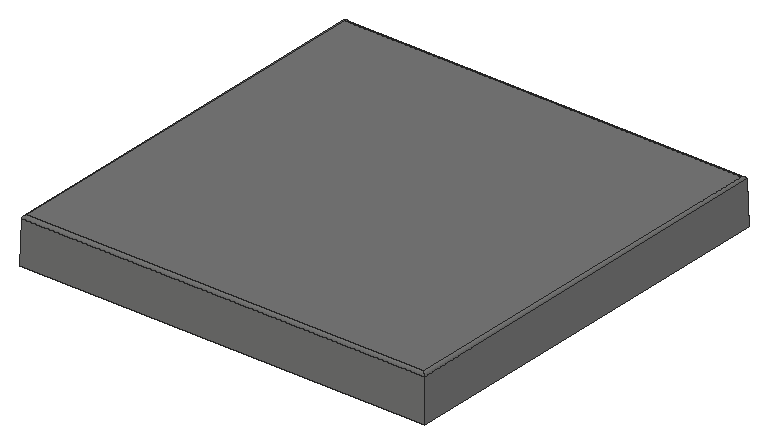
Revit family "fa4bb6c9-ecb4-4cc6-b0c4-cfa0f59c9edb", category Site, Revit 2016
Family settings
  Part Type = Normal
  Round Connector Dimension = Use Diameter
  OmniClass Number = 23.10.00.00
  OmniClass Title = Site Products
  Work Plane-Based = No
  Always vertical = Yes
  Cut with Voids When Loaded = No
  Shared = No
Parameters (values of type "Standard")
  ecoScorecard data = ""
  ecoScorecard Product Page = ""
  Weight = 50.00 lbf  # constant formula
  Warranty = "5 Year Limited"  # constant formula
  Unit = Concrete - Stepstone - Agave1412
  URL = "stepstoneinc.com"
  Thickness = 2"  # constant formula
  Texture = "Sandblast"  # constant formula
  Technical Information = "http://www.stepstoneinc.com/docs/Stepstone_Product_Data_Sheet-Large_Scale_Narrow_Modular_Paver.pdf"
  Surface Finish = "Integral"  # constant formula
  Subcategory = "CalArc"  # constant formula
  Revit Object Download Link = "http://library.smartbim.com/download/Paver-Large_Scale-Stepstone-CalArc-18X18X2"
  Product Page URL = "http://www.stepstoneinc.com/calarc-pavers.php"
  Product Name = "Large Scale CalArc Paver"  # constant formula
  Product Line = "Pavers"  # constant formula
  Nominal Width = 18"  # constant formula
  Nominal Length = 18"  # constant formula
  Model = "18In x 18In x 2In"  # constant formula
  Material = "Precast Concrete"  # constant formula
  Manufacturer Toll Free Phone = "800.572.9029"  # constant formula
  Manufacturer Phone = "310.327.7474"  # constant formula
  Manufacturer Fax = "310.217.1424"  # constant formula
  Manufacturer Email = "mailto:sales@stepstoneinc.com"
  Manufacturer Address = "13251 S Figueroa St, Los Angeles 90061"  # constant formula
  Manufacturer = "Stepstone, Inc"  # constant formula
  Maintenance URL = ""
  Installation URL = ""
  Description = "Precast Concrete Paver"  # constant formula
  Cost Info = ""
  Color Availability = "Standard & Custom"  # constant formula
  95 CSI = ""
  04 CSI = ""
Reference planes (in)
  plane 1 "Center Front/Back": y = 0
  plane 2: z = 0
  plane 3 "Center Left/Right": x = 0
  plane 4: x = -9
  plane 5: x = 9
  plane 6: y = 9
  plane 7: y = -9
  plane 8: z = 2
Dimensions and locks (in)
  equal spacing: plane 4, plane 3 "Center Left/Right", plane 5
  "Nominal Width": plane 4 to plane 5
  equal spacing: plane 7, plane 1 "Center Front/Back", plane 6
  "Nominal Length": plane 6 to plane 7
  plane 5 to plane 4 = 18"
  plane 6 to plane 7 = 18"
  plane 8 to level = 2"
  aligned and locked: level to plane 2
  aligned and locked: plane 3 "Center Left/Right" to nested 1
  aligned and locked: plane 1 "Center Front/Back" to nested 1
Nested families (in)
  nested 1: "18X18X2" at (0, 0, 0), type "18X18X2"
Definition of nested family "18X18X2"
  Parameters
    Width = 18"
    Unit = none
    Thickness = 2"
    Depth = 18"
  Reference planes (in)
    plane 1 "Center (Front/Back)": y = 0
    plane 2: z = 0
    plane 3 "Center (Left/Right)": x = 0
    plane 4: x = -9
    plane 5: x = 9
    plane 6: y = 9
    plane 7: y = -9
    plane 8: z = 2
  Forms (in)
    Sweep 1, solid, material <- "Unit"
      path origin (0, 0, 0) x (1, 0, 0) y (0, 1, 0)
        loop
          line (-8.9375, 8.9375) -> (-8.9375, -8.9375) -> (8.9375, -8.9375) -> (8.9375, 8.9375) -> (-8.9375, 8.9375)
      profile origin (0, 8.9375, 0) x (0, 1, 0) y (0, 0, 1)
        loop
          line (0, 0) -> (-0.0459, 1.87815)
          arc (-0.0459, 1.87815) -> (-0.08353, 1.96449) -> (-0.17076, 2) r 0.1249
          line (-0.17076, 2) -> (-0.27723, 2) -> (-0.27723, 0) -> (0, 0)
    Extrusion 2, solid, material <- "Unit"
      sketch origin (0, 0, 0) x (1, 0, 0) y (0, 1, 0)
        loop
          line (-8.66027, 8.66027) -> (-8.66027, -8.66027) -> (8.66027, -8.66027) -> (8.66027, 8.66027) -> (-8.66027, 8.66027)
      from 0 to 2
  Cuts and joins
    joined: Sweep 1, Extrusion 2
  Lines and regions (in)
    Masking region 1
      outline origin (0, 0, 0) x (1, 0, 0) y (0, 1, 0)
        loop
          line (-8.9375, 8.9375) -> (-8.9375, -8.9375) -> (8.9375, -8.9375) -> (8.9375, 8.9375) -> (-8.9375, 8.9375)
    Masking region 2
      outline origin (0, 0, 0) x (1, 0, 0) y (0, 0, 1)
        loop
          line (-8.89142, 1.88568) -> (-8.9375, 0) -> (8.9375, 0) -> (8.89146, 1.88379)
          arc (8.89146, 1.88379) -> (8.85557, 1.96613) -> (8.77238, 2) r 0.11912
          line (8.77238, 2) -> (-8.77426, 2)
          arc (-8.77426, 2) -> (-8.85611, 1.96668) -> (-8.89142, 1.88568) r 0.11719
    Masking region 3
      outline origin (0, 0, 0) x (0, 1, 0) y (0, 0, 1)
        loop
          line (8.9375, 0) -> (8.89188, 1.86656)
          arc (8.89188, 1.86656) -> (8.85067, 1.96111) -> (8.75514, 2) r 0.13678
          line (8.75514, 2) -> (-8.77272, 2)
          arc (-8.77272, 2) -> (-8.85567, 1.96623) -> (-8.89145, 1.88414) r 0.11876
          line (-8.89145, 1.88414) -> (-8.9375, 0) -> (8.9375, 0)
  Dimensions and locks (in)
    equal spacing: plane 6, plane 1 "Center (Front/Back)", plane 7
    equal spacing: plane 4, plane 3 "Center (Left/Right)", plane 5
    "Width": plane 5 to plane 4
    "Depth": plane 6 to plane 7
    "Thickness": plane 8 to level
    aligned and locked: plane 2 to level
    aligned and locked: plane 8 to Masking region 2
    aligned and locked: Sweep 1 sketch curve to plane 8
  Automatic sketch dimensions
    plane 4 to Sweep 1 sketch curve = 1/16"
    Sweep 1 sketch curve to plane 5 = 1/16"
    plane 7 to Sweep 1 sketch curve = 1/16"
    Sweep 1 sketch curve to plane 6 = 1/16"
    plane 4 to Extrusion 2 sketch curve = 0.33973"
    Extrusion 2 sketch curve to plane 5 = 0.33973"
    plane 7 to Extrusion 2 sketch curve = 0.33973"
    Extrusion 2 sketch curve to plane 6 = 0.33973"
    Sweep 1 sketch curve to level = 0"
    Sweep 1 sketch curve to profile plane = 0"
    profile plane to Sweep 1 sketch curve = 0.0459"
    Sweep 1 sketch curve to Sweep 1 sketch curve = 0.12486"
    Sweep 1 sketch curve to Sweep 1 sketch curve = 0.10647"
    Sweep 1 sketch curve to Sweep 1 sketch curve = 0.00305"
    plane 4 to Masking region 1 sketch curve = 1/16"
    Masking region 1 sketch curve to plane 5 = 1/16"
    plane 7 to Masking region 1 sketch curve = 1/16"
    Masking region 1 sketch curve to plane 6 = 1/16"
    plane 4 to Masking region 2 sketch curve = 1/16"
    plane 4 to Masking region 2 sketch curve = 0.10858"
    Masking region 2 sketch curve to Masking region 2 sketch curve = 0.11715"
    Masking region 2 sketch curve to plane 5 = 0.22762"
    Masking region 2 sketch curve to Masking region 2 sketch curve = 0.11908"
    Masking region 2 sketch curve to plane 5 = 1/16"
    level to Masking region 2 sketch curve = 1 113/128"
    level to Masking region 2 sketch curve = 1.88088"
    Masking region 2 sketch curve to Masking region 2 sketch curve = 0.00286"
    Masking region 2 sketch curve to level = 0"
    plane 7 to Masking region 3 sketch curve = 1/16"
    plane 7 to Masking region 3 sketch curve = 0.10855"
    Masking region 3 sketch curve to Masking region 3 sketch curve = 0.11873"
    Masking region 3 sketch curve to plane 6 = 0.24486"
    Masking region 3 sketch curve to plane 6 = 0.10812"
    Masking region 3 sketch curve to plane 6 = 1/16"
    level to Masking region 3 sketch curve = 1.86322"
    Masking region 3 sketch curve to Masking region 3 sketch curve = 0.00334"
    Masking region 3 sketch curve to Masking region 3 sketch curve = 0.11876"
    Masking region 3 sketch curve to level = 0"
